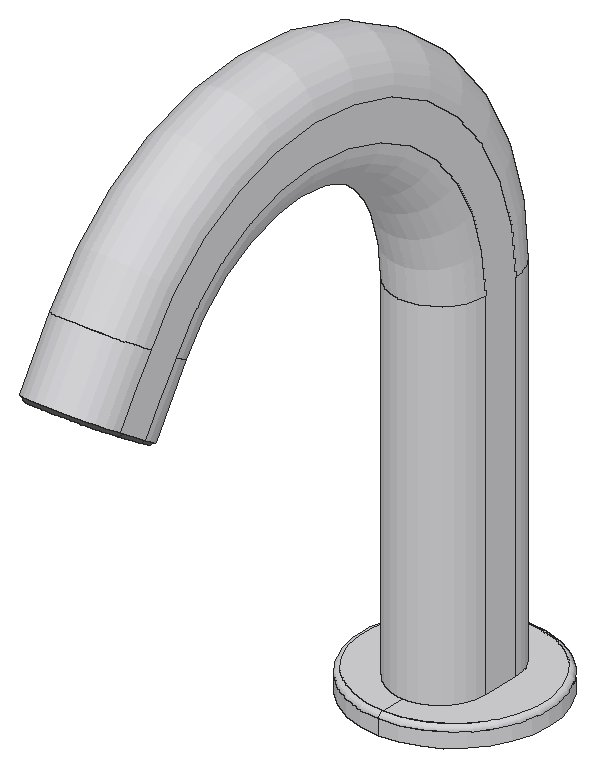
Revit family "Faucet-Lavatory-KOHLER-Oblo-K-106BB76", category Plumbing Fixtures, host Face, Revit 2021
Family settings
  Host = Face
  Round Connector Dimension = Use Diameter
  Part Type = Normal
  OmniClass Number = 23.31.11.00
  OmniClass Title = Faucets
  Cut with Voids When Loaded = No
  Shared = No
  Room Calculation Point = No
Parameters (values of type "CP-Polished Chrome")
  Width = 2 73/256"  # constant formula
  WaterSense Certified = 1 = 0  # no
  Waste Water Outlet = "Waste Water Outlet"  # constant formula
  Waste Connection = 1 = 0  # no
  Voltage = 3.6 V  # constant formula
  Vent Connection = 1 = 0  # no
  URL = "https://www.us.kohler.com/us/"
  Type = 1
  Spout Reach = 5 29/128"  # constant formula
  Product Page URL = "http://www.us.kohler.com/us/catalog/productDetails.jsp?productNumber=106BB76-SBNA"
  Product Name = "Oblo"  # constant formula
  Product Documentation Link = "https://www.us.kohler.com/webassets/kpna/catalog/pdf/en/K-106BB76-SBNA_spec_US-CA_Kohler_en.pdf"
  Pressure = 60.00 psi  # constant formula
  Model = "K-106BB76-SBNA"  # constant formula
  Material = "Premium Metal Construction"  # constant formula
  Master Format 2014 Name = "Residential Faucets, Supplies, and Trim"  # constant formula
  Master Format 2014 = "22 41 39"  # constant formula
  Manufacturer Address = "444 Highland Dr, Kohler, WI 53044"  # constant formula
  Manufacturer = "Kohler Co."  # constant formula
  Length = Spout Reach  # 5 29/128"
  Hot Water Inlet = "Hot Water Inlet"  # constant formula
  Height = 8 23/256"  # constant formula
  Handle Clearance = 0"
  HW Connection = 1 = 1  # yes
  Flow Rate = 0.5 GPM  # constant formula
  Finish = Kohler-Metal-CP-Polished_Chrome
  Faucet Hole Spacing = 0"
  Environmental Product Declaration = ""
  Electrical Note = "One Dedicated Circuit Required"  # constant formula
  Electrical Connector = 1 = 1  # yes
  Drain Included = 1 = 0  # no
  Description = "Basic Hybrid No Drain / No Mixer"  # constant formula
  Default Elevation = 36"
  Declare Label = ""
  Date Modified = "07/07/2023"  # constant formula
  Date Created = "07/07/2023"  # constant formula
  Copyright = "Copyright Kohler Co."  # constant formula
  Contact Us = "https://www.us.kohler.com/us/static/contact.jsp"
  Cold Water Inlet = "Cold Water Inlet"  # constant formula
  CW Connection = 1 = 1  # yes
  Assembly Code = "D2010"
  Apparent Load = 1.65 VA  # constant formula
  ADA Compliant = 1 = 0  # no
Reference planes (in)
  plane 1 "Center (Front/Back)": y = 0
  plane 2: z = 0
  plane 3 "Center (Left/Right)": x = 0
  plane 4: y = 1.1417323
  plane 5: y = 0.7775591
  plane 6: y = -6.1692913
  plane 7: y = -5.2265625
  plane 8: x = -1.1417323
  plane 9: x = 1.143424
  plane 10: x = -0.5511811
  plane 11: x = 0.5511811
  plane 12: y = -0.7775591
  plane 13: y = -1.1417323
  plane 14: z = 8.0898437
  plane 15: z = 0.2362205
  plane 16: z = 5.1062992
  plane 17: x = -0.3850394
  plane 18: x = 0.3850394
Dimensions and locks (in)
  "Width": plane 8 to plane 9
  "Length": plane 1 "Center (Front/Back)" to plane 7
  "Height": plane 14 to level
  plane 2 to plane 15 = 0.23622"
  plane 2 to plane 16 = 5.1063"
  plane 1 "Center (Front/Back)" to plane 6 = 6.16929"
  plane 5 to plane 12 = 1.55512"
  plane 11 to plane 10 = 1.10236"
  plane 6 to plane 4 = 7.31102"
  plane 13 to plane 4 = 2.28346"
  "Spout Reach": plane 7 to nested 1
  aligned and locked: plane 2 to host face
  aligned and locked: level to host face
Automatic sketch dimensions
  host sketch curve to host sketch curve = 96"  (x2)
Nested families (in)
  nested 1: "K-106BB76" at (0, 0, 0), type "K-106BB76"
Connectors (in)
  piping at (-0.3848944, 0, 0), diameter 0.375, driven by "Flow Rate", driven by "Pressure", driven by "HW Connection", driven by "Hot Water Inlet"
    settings: on nested 1, index 1, connector inside diameter 24", connector length 0", flow factor 0, pipe flow 0.5 GPM, pressure drop 60.00 psi, fitting loss kfactor 0, connector angle 0.00°, fixture units 0, engagement length 0", angle of deflection 0.00°, flow configuration 1, flow direction 1, fitting loss method 4, system type 19, joint type 0, gender type 0, connector reference index -1, connector utility 1, adjustable connector no, is connector primary yes, connector description "Hot Water Inlet"
  piping at (0.3848944, 0, 0), diameter 0.375, driven by "Flow Rate", driven by "Pressure", driven by "CW Connection", driven by "Cold Water Inlet"
    settings: on nested 1, index 2, connector inside diameter 24", connector length 0", flow factor 0, pipe flow 0.5 GPM, pressure drop 60.00 psi, fitting loss kfactor 0, connector angle 0.00°, fixture units 0, engagement length 0", angle of deflection 0.00°, flow configuration 1, flow direction 1, fitting loss method 4, system type 20, joint type 0, gender type 0, connector reference index -1, connector utility 1, adjustable connector no, is connector primary no, connector description "Cold Water Inlet"
  electrical at (0, 0, 0), driven by "Voltage", driven by "Apparent Load", driven by "Electrical Connector", driven by "Electrical Note"
    settings: on nested 1, index 3, voltage 3.6 V, apparent load 1.65 VA, apparent load phase1 0 VA, apparent load phase2 0 VA, apparent load phase3 0 VA, power factor 1, load classification "Power", number of poles 1, system type 30, power factor state 1, is connector primary yes, connector utility yes, sub classification motor no, connector description "One Dedicated Circuit Required"
Definition of nested family "K-106BB76"
  Parameters
    Material = none
    Default Elevation = 0"
  Reference planes (in)
    plane 1 "Center (Front/Back)": y = 0
    plane 2: z = 0
    plane 3 "Center (Left/Right)": x = 0
    plane 4: y = 0.7775591
    plane 5: y = -0.7775591
    plane 6: y = -5.2283465
    plane 7: y = 1.1417323
    plane 8: y = -1.1417323
    plane 9: y = -6.1692913
    plane 10: z = 5.1062992
    plane 11: z = 0.2362205
    plane 12: x = -1.1417323
    plane 13: x = 1.1417323
    plane 14: z = 8.0905512
    plane 15: x = -0.5511811
    plane 16: x = 0.5511811
    plane 17: through (0, -5.0086558, 5.4344342) normal (0, -0.8387, 0.5446)
    plane 18: through (0, -6.154792, 5.6949021) normal (0, -0.5492, -0.8357)
    plane 19 "A": through (0, -5.5198362, 5.3362364) normal (0, 0.8387, -0.5446)
    plane 20: x = 0.3850394
    plane 21: x = -0.3850394
  Forms (in)
    Sweep 1, solid, material <- "Material", detail levels medium+fine
      path origin (0, 0, 0) x (0, 1, 0) y (0, 0, 1)
        loop
          line (0, 0.201549) -> (0, 4.5322577)
          arc (0, 4.5322577) -> (-1.9731861, 7.1746743) -> (-5.0672024, 6.0332314) r 2.7559055
          line (-5.0672024, 6.0332314) -> (-5.5198362, 5.3362364)
      profile origin (0, 0, 2.3669034) x (0, -1, 0) y (1, 0, 0)
        loop
          line (-0.2265399, -0.5511811) -> (0.2254405, -0.5511811)
          arc (0.2254405, -0.5511811) -> (0.7766216, 0) -> (0.2254405, 0.5511811) r 0.5511811
          line (0.2254405, 0.5511811) -> (-0.2265399, 0.5511811)
          arc (-0.2265399, 0.5511811) -> (-0.777721, 0) -> (-0.2265399, -0.5511811) r 0.5511811
    Revolve 2, solid, material <- "Material", detail levels medium+fine
      sketch origin (0, 0, 0) x (0, 1, 0) y (0, 0, 1)
        loop
          line (0.0005497, 0) -> (1.1417323, 0) -> (1.1417323, 0.1762635)
          arc (1.1417323, 0.1762635) -> (1.1241713, 0.2186595) -> (1.0817753, 0.2362205) r 0.059957
          line (1.0817753, 0.2362205) -> (0.0005497, 0.2362205) -> (0.0005497, 0)
        axis (0.0005497, 0) -> (0.0005497, 0.2362205)
      angle from 0 to 360
    Revolve 3, void
      sketch origin (0, 0, 0) x (0, 1, 0) y (0, 0, 1)
        loop
          line (-5.5595, 4.5862085) -> (-5.3310279, 4.437837) -> (-4.808277, 5.2428028) -> (-5.0367491, 5.3911743) -> (-5.5595, 4.5862085)
        axis (-5.5595, 4.5862085) -> (-5.0367491, 5.3911743)
      angle from 0 to 360
    Extrusion 4, void
      sketch origin (0.0246063, -1.0778, -2.607749) x (1, 0, 0) y (0, 0.838671, -0.544639)
        loop
          arc (-0.3688962, -8.0155597) -> (-0.4121785, -8.0423616) -> (-0.4282329, -8.0906727) r 0.0746914
          arc (-0.4282329, -8.0906727) -> (-0.4274179, -8.1590502) -> (-0.4286559, -8.2274213) r 2.2778006
          arc (-0.4286559, -8.2274213) -> (-0.4110601, -8.3547556) -> (-0.3601942, -8.4728077) r 0.478381
          arc (-0.3601942, -8.4728077) -> (-0.06189, -8.6564396) -> (0.2603428, -8.5190636) r 0.3811951
          arc (0.2603428, -8.5190636) -> (0.3372514, -8.3814165) -> (0.3604657, -8.225459) r 0.4382418
          arc (0.3604657, -8.225459) -> (0.3592181, -8.1523868) -> (0.3603153, -8.0793121) r 2.2778006
          arc (0.3603153, -8.0793121) -> (0.3473652, -8.0397346) -> (0.3120836, -8.0176148) r 0.0611765
          arc (0.3120836, -8.0176148) -> (-0.0282982, -7.9807557) -> (-0.3688962, -8.0155597) r 1.6356777
      from 3.9897421 to 4.5522633
    Sweep 5, solid, detail levels medium+fine
      path origin (0, -3.6910732, -1.7619586) x (1, 0, 0) y (0, 0.838671, -0.544639)
        loop
          line (-0.5511811, -5.1945392) -> (-0.5511811, -5.5913667)
          arc (-0.5511811, -5.5913667) -> (0, -6.1425478) -> (0.5511811, -5.5913667) r 0.5511811
          line (0.5511811, -5.5913667) -> (0.5511811, -5.1945392)
          arc (0.5511811, -5.1945392) -> (0, -4.6433581) -> (-0.5511811, -5.1945392) r 0.5511811
      profile origin (0, -7.5853209, 0.7669955) x (0, 0.838671, -0.544639) y (0, 0.544639, 0.838671)
        loop
          line (-0.0034172, 4.9652825) -> (-0.0034172, 5.0805194) -> (-0.0993083, 5.0805194) -> (-0.0993083, 4.9152964) -> (-0.0534032, 4.9152964)
          arc (-0.0534032, 4.9152964) -> (-0.0180577, 4.929937) -> (-0.0034172, 4.9652825) r 0.049986
    Extrusion 6, solid, detail levels medium+fine
      sketch origin (0, -3.7031344, -2.1177051) x (1, 0, 0) y (0, 0.838671, -0.544639)
        loop
          arc (-0.4518728, -5.7750047) -> (0, -6.2268775) -> (0.4518728, -5.7750047) r 0.4518728
          line (0.4518728, -5.7750047) -> (0.4518728, -5.3781772)
          arc (0.4518728, -5.3781772) -> (0, -4.9263044) -> (-0.4518728, -5.3781772) r 0.4518728
          line (-0.4518728, -5.3781772) -> (-0.4518728, -5.7750047)
      from 5.2202195 to 5.3522753
    Revolve 7, void
      sketch origin (0, 0, 0) x (0, 1, 0) y (0, 0, 1)
        loop
          line (-5.5595, 4.5862085) -> (-5.3310279, 4.437837) -> (-4.808277, 5.2428028) -> (-5.0367491, 5.3911743) -> (-5.5595, 4.5862085)
        axis (-5.5595, 4.5862085) -> (-5.0367491, 5.3911743)
      angle from 0 to 360
    Revolve 8, solid, detail levels medium+fine
      sketch origin (0, 0, 0) x (0, 1, 0) y (0, 0, 1)
        loop
          line (-4.9093619, 5.4049859) -> (-5.0939324, 5.1207724)
          arc (-5.0939324, 5.1207724) -> (-5.1013947, 5.1008218) -> (-5.0997321, 5.0795862) r 0.0492368
          arc (-5.0997321, 5.0795862) -> (-5.0926168, 5.0438932) -> (-5.0926902, 5.0074979) r 0.1833903
          line (-5.0926902, 5.0074979) -> (-5.0207387, 4.9607721)
          arc (-5.0207387, 4.9607721) -> (-5.0057005, 4.9579849) -> (-4.9930961, 4.9666477) r 0.019983
          line (-4.9930961, 4.9666477) -> (-4.7680369, 5.3132084) -> (-4.9093619, 5.4049859)
        axis (-4.9926533, 5.4590759) -> (-5.2285959, 5.0957561)
      angle from 0 to 360
    Extrusion 9, solid, detail levels medium+fine
      sketch origin (0, -2.2066341, -3.3991669) x (1, 0, 0) y (0, 0.838671, -0.544639)
        loop
          arc (0.2773607, -7.9964326) -> (0.3525419, -7.8618769) -> (0.3752349, -7.7094221) r 0.4283993
          arc (0.3752349, -7.7094221) -> (0.3739818, -7.6360341) -> (0.3750838, -7.5626437) r 2.2876431
          arc (0.3750838, -7.5626437) -> (0.3642173, -7.5294337) -> (0.334612, -7.5108727) r 0.051334
          arc (0.334612, -7.5108727) -> (-0.0003038, -7.4742493) -> (-0.335577, -7.5074413) r 1.6258352
          arc (-0.335577, -7.5074413) -> (-0.3777306, -7.533297) -> (-0.3935292, -7.5801568) r 0.0725627
          arc (-0.3935292, -7.5801568) -> (-0.3929803, -7.643808) -> (-0.3942025, -7.7074499) r 2.2876431
          arc (-0.3942025, -7.7074499) -> (-0.3774516, -7.834021) -> (-0.327154, -7.951371) r 0.4685384
          arc (-0.327154, -7.951371) -> (-0.036552, -8.1302615) -> (0.2773607, -7.9964326) r 0.3713526
      from 5.4798914 to 6.0105597
    Revolve 10, void
      sketch origin (0, 0, 0) x (0, 1, 0) y (0, 0, 1)
        loop
          line (-4.5006551, 5.3627358) -> (-4.4658561, 5.4163215) -> (-4.603705, 5.5058416) -> (-4.638504, 5.4522559) -> (-4.5006551, 5.3627358)
        axis (-4.638504, 5.4522559) -> (-4.5006551, 5.3627358)
      angle from 0 to 360
    Revolve 11, solid, detail levels medium+fine
      sketch origin (0, 0, 0) x (0, 1, 0) y (0, 0, 1)
        loop
          line (-4.5693616, 5.4073543) -> (-4.6512112, 5.460508) -> (-4.6830384, 5.4114984) -> (-4.6011889, 5.3583447) -> (-4.5693616, 5.4073543)
        axis (-4.6512112, 5.460508) -> (-4.5693616, 5.4073543)
      angle from 0 to 360
    Extrusion 12, void
      sketch origin (0, 0, 0) x (0, 1, 0) y (0, 0, 1)
        loop
          line (-4.5870275, 5.3801513) -> (-4.5160068, 5.3391475) -> (-4.4646758, 5.4280555) -> (-4.5892761, 5.5089719) -> (-4.5870275, 5.3801513)
      from -0.2608551 to 0.4518728
    Extrusion 13, solid, material <- "Material"
      sketch origin (0, 0, 0) x (1, 0, 0) y (0, 1, 0)
        loop
          circle (-0.3848944, 0) r 0.0787402
        loop
          circle (0.3848944, 0) r 0.0787402
      from 0 to 0.0429645
    Extrusion 14, solid, material <- "Material"
      sketch origin (0, 0, 0) x (1, 0, 0) y (0, 1, 0)
        loop
          circle (0, 0) r 0.0787402
      from 0 to 0.0429645
    Sweep 15, solid, material <- "Material", detail levels coarse
      path origin (0, 0, 0) x (0, 1, 0) y (0, 0, 1)
        loop
          line (0, 0.201549) -> (0, 4.5322577)
          arc (0, 4.5322577) -> (-1.9731861, 7.1746743) -> (-5.0672024, 6.0332314) r 2.7559055
          line (-5.0672024, 6.0332314) -> (-5.5198362, 5.3362364)
      profile origin (0, 0, 2.3669034) x (0, -1, 0) y (1, 0, 0)
        loop
          line (-0.2265399, -0.5511811) -> (0.2254405, -0.5511811)
          arc (0.2254405, -0.5511811) -> (0.7766216, 0) -> (0.2254405, 0.5511811) r 0.5511811
          line (0.2254405, 0.5511811) -> (-0.2265399, 0.5511811)
          arc (-0.2265399, 0.5511811) -> (-0.777721, 0) -> (-0.2265399, -0.5511811) r 0.5511811
    Revolve 16, solid, material <- "Material", detail levels coarse
      sketch origin (0, 0, 0) x (0, 1, 0) y (0, 0, 1)
        loop
          line (0.0005497, 0) -> (1.1417323, 0) -> (1.1417323, 0.2362205) -> (0.0005497, 0.2362205) -> (0.0005497, 0)
        axis (0.0005497, 0) -> (0.0005497, 0.2362205)
      angle from 0 to 360
  Cuts and joins
    Revolve 7 cuts Sweep 5
    Revolve 3, Extrusion 4, Revolve 7 cuts Extrusion 6
    joined: Sweep 5, Extrusion 6
    Revolve 7, Revolve 10 cuts Sweep 1
    Extrusion 12 cuts Revolve 11
  Lines and regions (in)
    Masking region 1
      outline origin (0, 0, 0) x (1, 0, 0) y (0, 1, 0)
        loop
          arc (0.5511811, -0.999876) -> (0, 1.1417323) -> (-0.5511811, -0.999876) r 1.1417323
          line (-0.5511811, -0.999876) -> (-0.5511811, -5.7095934)
          spline (-0.5511811, -5.7095934) -> (-0.5324001, -5.828572) -> (-0.4773368, -5.9394424) -> (-0.3897439, -6.0346489) -> (-0.2755906, -6.1077035) -> (-0.1426562, -6.1536275) -> (0, -6.1692913) -> (0.1426562, -6.1536275) -> (0.2755906, -6.1077035) -> (0.3897439, -6.0346489) -> (0.4773368, -5.9394424) -> (0.5324001, -5.828572) -> (0.5511811, -5.7095934)
          line (0.5511811, -5.7095934) -> (0.5511811, -0.999876)
    Masking region 2
      outline origin (0, 0, 0) x (1, 0, 0) y (0, 0, 1)
        loop
          line (-1.1417323, 0) -> (0, 0) -> (1.1417323, 0) -> (1.1417323, 0.1774531)
          arc (1.1417323, 0.1774531) -> (1.1245197, 0.2190079) -> (1.0829649, 0.2362205) r 0.0587674
          line (1.0829649, 0.2362205) -> (0.5511811, 0.2362205) -> (0.5511811, 7.5385183)
          arc (0.5511811, 7.5385183) -> (0, 8.0896994) -> (-0.5511811, 7.5385183) r 0.5511811
          line (-0.5511811, 7.5385183) -> (-0.5511811, 0.2362205) -> (-1.0829649, 0.2362205)
          arc (-1.0829649, 0.2362205) -> (-1.1245197, 0.2190079) -> (-1.1417323, 0.1774531) r 0.0587674
          line (-1.1417323, 0.1774531) -> (-1.1417323, 0)
    Masking region 3
      outline origin (0, 0, 0) x (0, 1, 0) y (0, 0, 1)
        loop
          line (-1.1417323, 0) -> (1.1417323, 0) -> (1.1417323, 0.175719)
          arc (1.1417323, 0.175719) -> (1.1240118, 0.2185) -> (1.0812308, 0.2362205) r 0.0605015
          line (1.0812308, 0.2362205) -> (0.7775591, 0.2362205) -> (0.7775591, 4.5696481)
          arc (0.7775591, 4.5696481) -> (-1.7443305, 7.9468678) -> (-5.6987308, 6.4880125) r 3.5222676
          line (-5.6987308, 6.4880125) -> (-6.1662311, 5.7681252)
          arc (-6.1662311, 5.7681252) -> (-6.1691631, 5.7522671) -> (-6.1600113, 5.7389884) r 0.0210487
          arc (-6.1600113, 5.7389884) -> (-6.1650996, 5.706762) -> (-6.146382, 5.6800396) r 0.0435638
          line (-6.146382, 5.6800396) -> (-4.9509172, 4.9036957)
          arc (-4.9509172, 4.9036957) -> (-4.918892, 4.8974653) -> (-4.8915213, 4.9152213) r 0.0435638
          arc (-4.8915213, 4.9152213) -> (-4.8756683, 4.9122617) -> (-4.8623737, 4.9213903) r 0.0210487
          line (-4.8623737, 4.9213903) -> (-4.3969893, 5.6380194)
          arc (-4.3969893, 5.6380194) -> (-2.1869777, 6.4533358) -> (-0.7775591, 4.5658953) r 1.9685039
          line (-0.7775591, 4.5658953) -> (-0.7775591, 0.2362205) -> (-1.0812308, 0.2362205)
          arc (-1.0812308, 0.2362205) -> (-1.1240118, 0.2185) -> (-1.1417323, 0.175719) r 0.0605015
          line (-1.1417323, 0.175719) -> (-1.1417323, 0)
    symbolic lines, detail levels medium+fine
      curve 1: arc (0.5511811, -0.9292227, 0) -> (0, 1.0803959, 0) -> (-0.5511811, -0.9292227, 0) r 1.0803959
      curve 2: spline (-0.5511811, 0.2473346, 0) -> (-0.5324001, 0.3845668, 0) -> (-0.4773368, 0.5124468, 0) -> (-0.3897439, 0.6222599, 0) -> (-0.2755906, 0.7065224, 0) -> (-0.1426562, 0.7594921, 0) -> (0, 0.7775591, 0) -> (0.1426562, 0.7594921, 0) -> (0.2755906, 0.7065224, 0) -> (0.3897439, 0.6222599, 0) -> (0.4773368, 0.5124468, 0) -> (0.5324001, 0.3845668, 0) -> (0.5511811, 0.2473346, 0)
      curve 3: line (-0.5511811, 0.2473346, 0) -> (-0.5511811, -1.1417323, 0)
      curve 4: line (0.5511811, 0.2473346, 0) -> (0.5511811, -1.1417323, 0)
      curve 5: spline (0.5511811, -5.0793456, 0) -> (0.5324001, -5.1680711, 0) -> (0.4773368, -5.25075, 0) -> (0.3897439, -5.3217481, 0) -> (0.2755906, -5.3762268, 0) -> (0.1426562, -5.4104736, 0) -> (0, -5.4221545, 0) -> (-0.1426562, -5.4104736, 0) -> (-0.2755906, -5.3762268, 0) -> (-0.3897439, -5.3217481, 0) -> (-0.4773368, -5.25075, 0) -> (-0.5324001, -5.1680711, 0) -> (-0.5511811, -5.0793456, 0)
      curve 6: circle (0, -5.6553411, 0) r 0.0098425 normal (0, 0, 1)
      curve 7: arc (-0.0488765, -5.6971589, 0) -> (0, -5.7195591, 0) -> (0.0488765, -5.6971589, 0) r 0.0645238
      curve 8: arc (-0.0359222, -5.686289, 0) -> (0, -5.7023991, 0) -> (0.0359222, -5.686289, 0) r 0.0481047
      curve 9: arc (-0.023019, -5.6754619, 0) -> (0, -5.6855608, 0) -> (0.023019, -5.6754619, 0) r 0.0312836
      curve 10: arc (-0.2731659, 0, 5.7226186) -> (0.00154, 0, 5.761197) -> (0.2762459, 0, 5.7226186) r 0.9973411
      curve 11: arc (-0.4724724, 0, 5.6173709) -> (-0.37828, 0, 5.680336) -> (-0.2731659, 0, 5.7226186) r 0.5488353
      curve 12: arc (-0.5513528, 0, 5.4549497) -> (-0.5294784, 0, 5.5446912) -> (-0.4724724, 0, 5.6173709) r 0.2184585
      curve 13: arc (0.4724724, 0, 5.6173709) -> (0.37828, 0, 5.680336) -> (0.2731659, 0, 5.7226186) r 0.5488353
      curve 14: arc (0.5513528, 0, 5.4549497) -> (0.5294784, 0, 5.5446912) -> (0.4724724, 0, 5.6173709) r 0.2184585
      curve 15: arc (-0.2731659, 0, 4.9504529) -> (0.00154, 0, 4.9118745) -> (0.2762459, 0, 4.9504529) r 0.9973411
      curve 16: arc (-0.4724724, 0, 5.0557006) -> (-0.37828, 0, 4.9927355) -> (-0.2731659, 0, 4.9504529) r 0.5488353
      curve 17: arc (-0.5511811, 0, 5.2134527) -> (-0.5284466, 0, 5.1262843) -> (-0.4724724, 0, 5.0557006) r 0.2184585
      curve 18: arc (0.4724724, 0, 5.0557006) -> (0.37828, 0, 4.9927355) -> (0.2731659, 0, 4.9504529) r 0.5488353
      curve 19: arc (0.5511811, 0, 5.2134527) -> (0.5284466, 0, 5.1262843) -> (0.4724724, 0, 5.0557006) r 0.2184585
      curve 20: arc (-0.4096197, 0, 5.5416275) -> (-0.3323194, 0, 5.5933008) -> (-0.2460558, 0, 5.6280006) r 0.4504101
      curve 21: arc (-0.2460558, 0, 5.6280006) -> (0.00154, 0, 5.6627718) -> (0.2491358, 0, 5.6280006) r 0.8989159
      curve 22: arc (0.4096197, 0, 5.5416275) -> (0.3323194, 0, 5.5933008) -> (0.2460558, 0, 5.6280006) r 0.4504101
      curve 23: arc (0.4528667, 0, 5.4549497) -> (0.4403751, 0, 5.5028449) -> (0.4096197, 0, 5.5416275) r 0.1200333
      curve 24: arc (-0.4528667, 0, 5.4549497) -> (-0.4403751, 0, 5.5028449) -> (-0.4096197, 0, 5.5416275) r 0.1200333
      curve 25: arc (-0.4528667, 0, 5.1443029) -> (-0.4403751, 0, 5.0964078) -> (-0.4096197, 0, 5.0576251) r 0.1200333
      curve 26: arc (-0.4096197, 0, 5.0576251) -> (-0.3323194, 0, 5.0059519) -> (-0.2460558, 0, 4.971252) r 0.4504101
      curve 27: arc (-0.2460558, 0, 4.971252) -> (0.00154, 0, 4.9364808) -> (0.2491358, 0, 4.971252) r 0.8989159
      curve 28: arc (0.4096197, 0, 5.0576251) -> (0.3323194, 0, 5.0059519) -> (0.2460558, 0, 4.971252) r 0.4504101
      curve 29: arc (0.4528667, 0, 5.1443029) -> (0.4403751, 0, 5.0964078) -> (0.4096197, 0, 5.0576251) r 0.1200333
      curve 30: line (-0.4528667, 0, 5.1443029) -> (-0.4528667, 0, 5.4549497)
      curve 31: line (0.4528667, 0, 5.1443029) -> (0.4528667, 0, 5.4549497)
      curve 32: spline (0.2773607, 0, 5.5518261) -> (0.2362677, 0, 5.5749082) -> (0.1889781, 0, 5.5941523) -> (0.1366871, 0, 5.6090719) -> (0.080716, 0, 5.61929) -> (0.022479, 0, 5.6245485) -> (-0.036552, 0, 5.6247145) -> (-0.0948855, 0, 5.6197837) -> (-0.1510474, 0, 5.6098808) -> (-0.2036184, 0, 5.595256) -> (-0.2512702, 0, 5.5762789) -> (-0.2927985, 0, 5.553429) -> (-0.327154, 0, 5.5272837)
      curve 33: spline (-0.327154, 0, 5.5272837) -> (-0.3377374, 0, 5.5171889) -> (-0.3474657, 0, 5.506842) -> (-0.3563187, 0, 5.4962645) -> (-0.364278, 0, 5.4854785) -> (-0.3713272, 0, 5.4745061) -> (-0.3774516, 0, 5.4633704) -> (-0.3826384, 0, 5.4520943) -> (-0.386877, 0, 5.4407012) -> (-0.3901585, 0, 5.4292148) -> (-0.3924761, 0, 5.4176589) -> (-0.3938251, 0, 5.4060576) -> (-0.3942025, 0, 5.3944348)
      curve 34: spline (0.3752349, 0, 5.3955089) -> (0.3753115, 0, 5.4095746) -> (0.3738319, 0, 5.4236172) -> (0.3708013, 0, 5.4375858) -> (0.3662308, 0, 5.4514295) -> (0.3601369, 0, 5.4650981) -> (0.3525419, 0, 5.4785418) -> (0.3434734, 0, 5.4917118) -> (0.3329642, 0, 5.5045603) -> (0.3210526, 0, 5.5170406) -> (0.3077818, 0, 5.5291073) -> (0.2932002, 0, 5.5407165) -> (0.2773607, 0, 5.5518261)
      curve 35: spline (-0.3942025, 0, 5.3944348) -> (-0.3938759, 0, 5.3886593) -> (-0.3935984, 0, 5.3828831) -> (-0.39337, 0, 5.3771062) -> (-0.3931909, 0, 5.3713288) -> (-0.393061, 0, 5.365551) -> (-0.3929803, 0, 5.3597729) -> (-0.3929488, 0, 5.3539947) -> (-0.3929665, 0, 5.3482165) -> (-0.3930334, 0, 5.3424384) -> (-0.3931494, 0, 5.3366606) -> (-0.3933147, 0, 5.330883) -> (-0.3935292, 0, 5.325106)
      curve 36: spline (-0.3935292, 0, 5.325106) -> (-0.3932316, 0, 5.3205308) -> (-0.3919645, 0, 5.3160051) -> (-0.3897449, 0, 5.3115895) -> (-0.3866027, 0, 5.3073434) -> (-0.3825799, 0, 5.3033237) -> (-0.3777306, 0, 5.2995843) -> (-0.3721199, 0, 5.2961754) -> (-0.3658229, 0, 5.2931428) -> (-0.3589243, 0, 5.2905272) -> (-0.3515166, 0, 5.2883636) -> (-0.3436992, 0, 5.2866811) -> (-0.335577, 0, 5.2855023)
      curve 37: spline (-0.335577, 0, 5.2855023) -> (-0.2802885, 0, 5.2798616) -> (-0.2246748, 0, 5.2752659) -> (-0.1688025, 0, 5.2717207) -> (-0.1127385, 0, 5.2692304) -> (-0.0565498, 0, 5.2677978) -> (-0.0003038, 0, 5.2674246) -> (0.0559323, 0, 5.2681114) -> (0.112091, 0, 5.2698573) -> (0.1681053, 0, 5.2726602) -> (0.223908, 0, 5.2765168) -> (0.2794324, 0, 5.2814224) -> (0.334612, 0, 5.2873712)
      curve 38: spline (0.334612, 0, 5.2873712) -> (0.3403351, 0, 5.2882358) -> (0.3458364, 0, 5.2894547) -> (0.3510425, 0, 5.2910115) -> (0.3558836, 0, 5.2928854) -> (0.3602948, 0, 5.2950513) -> (0.3642173, 0, 5.2974802) -> (0.3675983, 0, 5.3001396) -> (0.3703928, 0, 5.3029939) -> (0.3725632, 0, 5.3060049) -> (0.3740806, 0, 5.3091323) -> (0.3749245, 0, 5.3123341) -> (0.3750838, 0, 5.3155677)
      curve 39: spline (0.3750838, 0, 5.3155677) -> (0.3747366, 0, 5.3222279) -> (0.3744548, 0, 5.328889) -> (0.3742385, 0, 5.3355509) -> (0.3740875, 0, 5.3422133) -> (0.374002, 0, 5.3488761) -> (0.3739818, 0, 5.355539) -> (0.3740271, 0, 5.3622018) -> (0.3741379, 0, 5.3688645) -> (0.374314, 0, 5.3755267) -> (0.3745556, 0, 5.3821883) -> (0.3748625, 0, 5.3888491) -> (0.3752349, 0, 5.3955089)
      curve 40: line (0.2719427, 0, 5.543609) -> (-0.3205484, 0, 5.5199872)
      curve 41: line (-0.3205484, 0, 5.5199872) -> (-0.3843626, 0, 5.3947774)
      curve 42: line (-0.3843626, 0, 5.3947774) -> (-0.3836951, 0, 5.324699)
      curve 43: line (-0.3836951, 0, 5.324699) -> (-0.3344834, 0, 5.2952839)
      curve 44: line (-0.3344834, 0, 5.2952839) -> (0.3334621, 0, 5.2971463)
      curve 45: line (0.3334621, 0, 5.2971463) -> (0.3653619, 0, 5.313223)
      curve 46: line (0.3653619, 0, 5.313223) -> (0.3654105, 0, 5.3961065)
      curve 47: line (0.3654105, 0, 5.3961065) -> (0.2719427, 0, 5.543609)
      curve 48: spline (0.2893237, 0, 5.1062992) -> (0.2794652, 0, 5.1465067) -> (0.2505617, 0, 5.1839741) -> (0.2045828, 0, 5.2161481) -> (0.1446619, 0, 5.2408361) -> (0.0748825, 0, 5.2563556) -> (0, 0, 5.261649) -> (-0.0748825, 0, 5.2563556) -> (-0.1446619, 0, 5.2408361) -> (-0.2045828, 0, 5.2161481) -> (-0.2505617, 0, 5.1839741) -> (-0.2794652, 0, 5.1465067) -> (-0.2893237, 0, 5.1062992) -> (-0.2794652, 0, 5.0660917) -> (-0.2505617, 0, 5.0286243) -> (-0.2045828, 0, 4.9964503) -> (-0.1446619, 0, 4.9717624) -> (-0.0748825, 0, 4.9562428) -> (0, 0, 4.9509494) -> (0.0748825, 0, 4.9562428) -> (0.1446619, 0, 4.9717624) -> (0.2045828, 0, 4.9964503) -> (0.2505617, 0, 5.0286243) -> (0.2794652, 0, 5.0660917) -> (0.2893237, 0, 5.1062992)
      curve 49: spline (-0.1072433, 0, 5.2436022) -> (-0.1229999, 0, 5.2396153) -> (-0.138261, 0, 5.2350914) -> (-0.1529651, 0, 5.2300485) -> (-0.1670529, 0, 5.2245071) -> (-0.1804677, 0, 5.2184895) -> (-0.1931555, 0, 5.2120198) -> (-0.205065, 0, 5.2051243) -> (-0.2161484, 0, 5.1978306) -> (-0.226361, 0, 5.1901681) -> (-0.2356616, 0, 5.1821678) -> (-0.2440128, 0, 5.1738618) -> (-0.2513809, 0, 5.1652836)
      curve 50: spline (0.1828151, 0, 5.1062992) -> (0.1765859, 0, 5.1315282) -> (0.1583225, 0, 5.1550379) -> (0.1292698, 0, 5.1752261) -> (0.0914076, 0, 5.1907171) -> (0.047316, 0, 5.2004551) -> (0, 0, 5.2037766) -> (-0.047316, 0, 5.2004551) -> (-0.0914076, 0, 5.1907171) -> (-0.1292698, 0, 5.1752261) -> (-0.1583225, 0, 5.1550379) -> (-0.1765859, 0, 5.1315282) -> (-0.1828151, 0, 5.1062992) -> (-0.1765859, 0, 5.0810702) -> (-0.1583225, 0, 5.0575605) -> (-0.1292698, 0, 5.0373723) -> (-0.0914076, 0, 5.0218813) -> (-0.047316, 0, 5.0121433) -> (0, 0, 5.0088219) -> (0.047316, 0, 5.0121433) -> (0.0914076, 0, 5.0218813) -> (0.1292698, 0, 5.0373723) -> (0.1583225, 0, 5.0575605) -> (0.1765859, 0, 5.0810702) -> (0.1828151, 0, 5.1062992)
      curve 51: spline (0.1381569, 0, 5.1062992) -> (0.1334493, 0, 5.1264134) -> (0.1196474, 0, 5.1451568) -> (0.0976917, 0, 5.1612521) -> (0.0690785, 0, 5.1736025) -> (0.0357576, 0, 5.1813662) -> (0, 0, 5.1840143) -> (-0.0357576, 0, 5.1813662) -> (-0.0690785, 0, 5.1736025) -> (-0.0976917, 0, 5.1612521) -> (-0.1196474, 0, 5.1451568) -> (-0.1334493, 0, 5.1264134) -> (-0.1381569, 0, 5.1062992) -> (-0.1334493, 0, 5.0861851) -> (-0.1196474, 0, 5.0674417) -> (-0.0976917, 0, 5.0513463) -> (-0.0690785, 0, 5.038996) -> (-0.0357576, 0, 5.0312322) -> (0, 0, 5.0285841) -> (0.0357576, 0, 5.0312322) -> (0.0690785, 0, 5.038996) -> (0.0976917, 0, 5.0513463) -> (0.1196474, 0, 5.0674417) -> (0.1334493, 0, 5.0861851) -> (0.1381569, 0, 5.1062992)
      curve 52: line (-0.1072433, 0, 5.2436022) -> (-0.0966014, 0, 5.2185316)
      curve 53: line (-0.0966014, 0, 5.2185316) -> (-0.0201294, 0, 5.2306436)
      curve 54: line (-0.0201294, 0, 5.2306436) -> (-0.0303072, 0, 5.2546211)
      curve 55: arc (-0.1038659, 0, 5.2512933) -> (-0.107215, 0, 5.2481769) -> (-0.1072433, 0, 5.2436022) r 0.0057703
      curve 56: arc (-0.0303072, 0, 5.2546211) -> (-0.0304538, 0, 5.2581544) -> (-0.0282343, 0, 5.2609075) r 0.0050197
      curve 57: line (0.1304163, 0, 5.2080671) -> (0.1630516, 0, 5.2261572)
      curve 58: line (0.186764, 0, 5.1778562) -> (0.2190523, 0, 5.1957539)
      curve 59: line (0.186764, 0, 5.1778562) -> (0.1313391, 0, 5.2085787)
      curve 60: arc (0.1621407, 0, 5.2256523) -> (0.1656013, 0, 5.2287346) -> (0.1674067, 0, 5.2330027) r 0.0105474
      curve 61: arc (0.2191361, 0, 5.1958003) -> (0.222846, 0, 5.1994921) -> (0.2240607, 0, 5.2045829) r 0.0095756
      curve 62: spline (0.1630516, 0, 5.2261572) -> (0.1490199, 0, 5.2314719) -> (0.1344075, 0, 5.2362988) -> (0.1192713, 0, 5.2406191) -> (0.1036703, 0, 5.2444159) -> (0.0876652, 0, 5.2476745) -> (0.0713185, 0, 5.2503821) -> (0.0546939, 0, 5.2525281) -> (0.0378561, 0, 5.2541043) -> (0.0208707, 0, 5.2551045) -> (0.0038041, 0, 5.2555247) -> (-0.0132774, 0, 5.2553633) -> (-0.0303072, 0, 5.2546211)
      curve 63: line (-0.2069677, 0, 5.1589654) -> (-0.2502571, 0, 5.1650493)
      curve 64: line (-0.2274542, 0, 5.1167928) -> (-0.2719582, 0, 5.1230475)
      curve 65: line (-0.2274542, 0, 5.1167928) -> (-0.2069677, 0, 5.1589654)
      curve 66: arc (-0.2502571, 0, 5.1650493) -> (-0.2568973, 0, 5.1698946) -> (-0.2565596, 0, 5.1781077) r 0.0087207
      curve 67: arc (-0.2719582, 0, 5.1230475) -> (-0.279334, 0, 5.1260557) -> (-0.2843939, 0, 5.1322079) r 0.0162495
      curve 68: spline (-0.2719341, 0, 5.1230441) -> (-0.2733245, 0, 5.1137094) -> (-0.2736386, 0, 5.1043456) -> (-0.2728751, 0, 5.0949894) -> (-0.271037, 0, 5.0856778) -> (-0.2681316, 0, 5.0764474) -> (-0.2641702, 0, 5.0673346) -> (-0.2591685, 0, 5.0583752) -> (-0.2531461, 0, 5.0496045) -> (-0.2461269, 0, 5.0410571) -> (-0.2381384, 0, 5.0327666) -> (-0.2292121, 0, 5.0247657) -> (-0.2193831, 0, 5.0170859)
      curve 69: line (-0.187581, 0, 5.0354469) -> (-0.132195, 0, 5.0047459)
      curve 70: line (-0.2193831, 0, 5.0170859) -> (-0.187581, 0, 5.0354469)
      curve 71: line (-0.1630032, 0, 4.9869588) -> (-0.132195, 0, 5.0047459)
      curve 72: arc (-0.2305214, 0, 5.0124219) -> (-0.224784, 0, 5.0143465) -> (-0.219391, 0, 5.0170917) r 0.0411513
      curve 73: arc (-0.1738375, 0, 4.9821174) -> (-0.1682951, 0, 4.9842579) -> (-0.1630032, 0, 4.9869588) r 0.057505
      curve 74: spline (-0.1635497, 0, 4.9866433) -> (-0.14938, 0, 4.9812542) -> (-0.1346151, 0, 4.9763635) -> (-0.1193138, 0, 4.9719905) -> (-0.103537, 0, 4.9681527) -> (-0.0873476, 0, 4.9648655) -> (-0.0708101, 0, 4.9621418) -> (-0.0539905, 0, 4.9599926) -> (-0.0369557, 0, 4.9584264) -> (-0.0197737, 0, 4.9574494) -> (-0.0025129, 0, 4.9570656) -> (0.014758, 0, 4.9572765) -> (0.03197, 0, 4.9580812)
      curve 75: line (0.0191949, 0, 4.9867745) -> (0.0960195, 0, 4.9975715)
      curve 76: line (0.0191949, 0, 4.9867745) -> (0.03197, 0, 4.9580812)
      curve 77: line (0.0960195, 0, 4.9975715) -> (0.111322, 0, 4.9699651)
      curve 78: line (0.2264616, 0, 5.0951943) -> (0.2715359, 0, 5.0896599)
      curve 79: line (0.2062766, 0, 5.0535006) -> (0.2518442, 0, 5.0479056)
      curve 80: line (0.2062766, 0, 5.0535006) -> (0.2264616, 0, 5.0951943)
      curve 81: arc (0.2715359, 0, 5.0896599) -> (0.2801047, 0, 5.0905019) -> (0.2874977, 0, 5.0949152) r 0.0197169
      curve 82: arc (0.2506089, 0, 5.0480573) -> (0.2599534, 0, 5.0478088) -> (0.2691749, 0, 5.0493402) r 0.0489742
      curve 83: spline (0.2719455, 0, 5.0896096) -> (0.2733314, 0, 5.098965) -> (0.2736363, 0, 5.1083494) -> (0.2728588, 0, 5.1177257) -> (0.2710021, 0, 5.1270568) -> (0.2680735, 0, 5.1363058) -> (0.2640845, 0, 5.1454361) -> (0.2590511, 0, 5.1544116) -> (0.252993, 0, 5.1631968) -> (0.2459343, 0, 5.171757) -> (0.2379028, 0, 5.1800583) -> (0.2289303, 0, 5.1880678) -> (0.2190523, 0, 5.1957539)
      curve 84: spline (0.111322, 0, 4.9699651) -> (0.1267162, 0, 4.9740222) -> (0.1416158, 0, 4.9785957) -> (0.1559626, 0, 4.9836677) -> (0.1697006, 0, 4.9892183) -> (0.1827762, 0, 4.9952259) -> (0.1951383, 0, 5.0016671) -> (0.2067388, 0, 5.0085168) -> (0.2175322, 0, 5.0157481) -> (0.2274766, 0, 5.0233328) -> (0.236533, 0, 5.0312415) -> (0.2446661, 0, 5.039443) -> (0.2518442, 0, 5.0479056)
      curve 85: line (-0.4528667, 0, 5.4549497) -> (-0.5513528, 0, 5.4549497)
      curve 86: line (0.4528667, 0, 5.4549497) -> (0.5513528, 0, 5.4549497)
      curve 87: line (0.5511811, 0, 5.2134527) -> (0.4528667, 0, 5.2134527)
      curve 88: line (-0.5511811, 0, 5.2134527) -> (-0.4528667, 0, 5.2134527)
      curve 89: circle (-0.0000006, 0, 6.1694775) r 0.0098425 normal (0, -1, 0)
      curve 90: arc (0.0220309, 0, 6.191509) -> (-0.0000002, 0, 6.2006348) -> (-0.0220315, 0, 6.1915096) r 0.0311573
      curve 91: arc (0.0387924, 0, 6.2082705) -> (-0.0000002, 0, 6.2243391) -> (-0.038793, 0, 6.2082711) r 0.0548616
      curve 92: arc (0.0449258, 0, 6.2144038) -> (-0.0000002, 0, 6.2330129) -> (-0.0449264, 0, 6.2144044) r 0.0635355
      curve 93: arc (0.0313585, 0, 6.2008365) -> (-0.0000002, 0, 6.2138259) -> (-0.0313591, 0, 6.2008371) r 0.0443484
      curve 94: arc (-0.3419625, 0, 6.4156649) -> (-0.0078214, 0, 6.4823419) -> (0.327923, 0, 6.424275) r 0.9305976
      curve 95: arc (-0.3419625, 0, 6.4156649) -> (-0.4745095, 0, 6.3223493) -> (-0.5511811, 0, 6.1795278) r 0.3519874
      curve 96: arc (0.327923, 0, 6.424275) -> (0.4686158, 0, 6.3299067) -> (0.5511811, 0, 6.1819784) r 0.3630998
      curve 97: line (-0.5511811, 0, 0.2362205) -> (0.5511811, 0, 0.2362205)
      curve 98: line (1.1417323, 0, 0.1774531) -> (-1.1417323, 0, 0.1774531)
      curve 99: line (0.5511811, 0, 4.5683876) -> (-0.5511811, 0, 4.5683876)
      curve 100: line (0, -4.8915213, 4.9152213) -> (0, -6.1591661, 5.7403404)
      curve 101: line (0, -4.8623737, 4.9213903) -> (0, -6.1662311, 5.7681252)
      curve 102: line (0, -5.7040293, 5.4679679) -> (0, -5.2019792, 6.2410573)
      curve 103: line (0, -5.3226876, 5.2203217) -> (0, -4.8568723, 5.9376144)
      curve 104: line (0, 0.2271662, 0.2362205) -> (0, 0.2271662, 4.6328712)
      curve 105: arc (0, -5.2019792, 6.2410573) -> (0, -1.8869617, 7.4640318) -> (0, 0.2271662, 4.6328712) r 2.9527559
      curve 106: line (0, -0.2271662, 0.2362205) -> (0, -0.2271662, 4.566233)
      curve 107: arc (0, -4.8568723, 5.9376144) -> (0, -2.0299897, 6.9805064) -> (0, -0.2271662, 4.566233) r 2.5179639
      curve 108: line (0, 0.2271662, 4.6328712) -> (0, 0.7769916, 4.6328712)
      curve 109: line (0, -0.2277585, 4.6208424) -> (0, -0.7783261, 4.6208424)
      curve 110: line (0, -5.2019792, 6.2410573) -> (0, -5.6571086, 6.5506315)
      curve 111: line (0, -4.8568723, 5.9376144) -> (0, -4.3966522, 5.6385383)
      curve 112: line (0, 0.7775591, 0.2362205) -> (0, -0.7775591, 0.2362205)
      curve 113: line (0, -1.1417323, 0.175719) -> (0, 1.1417323, 0.175719)
  Dimensions and locks (in)
    plane 7 to plane 9 = 7.31102"  (x2)
    plane 1 "Center (Front/Back)" to plane 6 = 5.22835"
    plane 10 to level = 5.1063"
    plane 7 to plane 8 = 2.28346"
    plane 11 to level = 0.23622"
    aligned and locked: plane 2 to level
